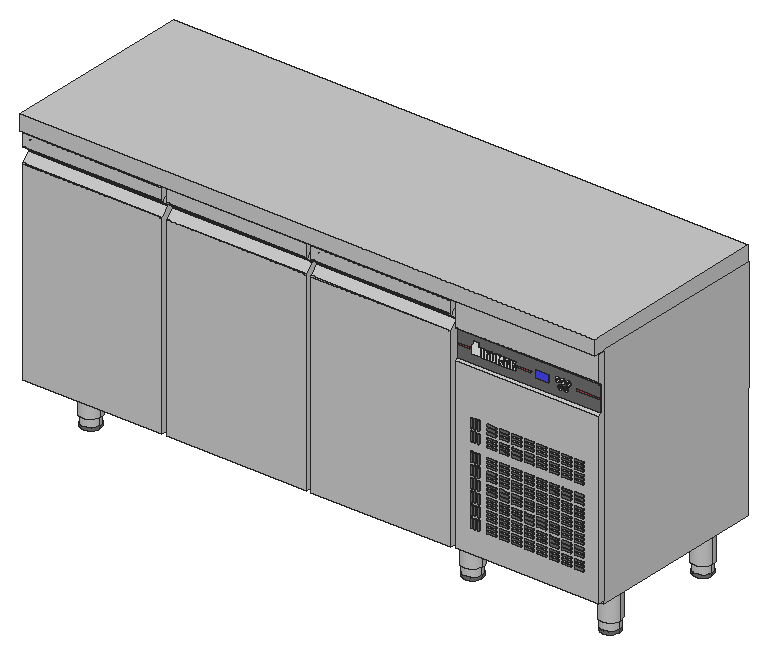
Revit family "QF_INOMAK_PMRP999_250528101708", category Specialty Equipment, Revit 2021 (continued)
Definition of nested family "QF_INOMAK_REF_COUNTERS_DOORS_DRAWERS_7216"
  Definition of nested family "3_Drawers_1-3"
    Forms (mm)
      Extrusion 1, solid, material <- "Finish", visible <- "3 Drawers"
        sketch origin (35, 0, 0) x (0, -1, 0) y (0, 0, 1)
          loop
            arc (690, 960.365) -> (689.866, 961.037) -> (689.485, 961.607) r 1.757
            line (689.485, 961.607) -> (666.663, 984.429)
            arc (666.663, 984.429) -> (665.976, 985.458) -> (665.734, 986.672) r 3.172
            line (665.734, 986.672) -> (665.734, 1013.576)
            arc (665.734, 1013.576) -> (666.433, 1015.262) -> (668.119, 1015.961) r 2.385
            line (668.119, 1015.961) -> (680.029, 1015.961) -> (686.544, 1006.657)
            arc (686.544, 1006.657) -> (688.671, 1005.935) -> (690, 1007.747) r 1.9
            line (690, 1007.747) -> (690, 1046) -> (648, 1046) -> (648, 751.667) -> (690, 751.667)
        from 0 to -1130
      Extrusion 2, solid, visible <- "3 Drawers", detail levels coarse
        sketch origin (0, -640.463, 751.667) x (0, 1, 0) y (-1, 0, 0)
          loop
            line (-49.537, -35) -> (-624.582, -35) -> (-624.582, -1165) -> (-49.537, -1165) -> (-49.537, -35)
        from 0 to 294.333
      Extrusion 3, solid, visible <- "3 Drawers", detail levels coarse
        sketch origin (0, -640.463, 453.333) x (0, 1, 0) y (-1, 0, 0)
          loop
            line (-49.537, -35) -> (-624.582, -35) -> (-624.582, -1165) -> (-49.537, -1165) -> (-49.537, -35)
        from 0 to 293.667
      Extrusion 4, solid, visible <- "3 Drawers", detail levels coarse
        sketch origin (0, -700, 154) x (-1, 0, 0) y (0, 1, 0)
          loop
            line (-35, 10) -> (-1165, 10) -> (-1165, -565.045) -> (-35, -565.045) -> (-35, 10)
        from 0 to -294
      Extrusion 5, solid, material <- "Finish", visible <- "3 Drawers"
        sketch origin (35, 0, -220.667) x (0, -1, 0) y (0, 0, 1)
          loop
            line (690, 674) -> (690, 882.031)
            arc (690, 882.031) -> (689.866, 882.704) -> (689.485, 883.274) r 1.757
            line (689.485, 883.274) -> (666.663, 906.096)
            arc (666.663, 906.096) -> (665.976, 907.125) -> (665.734, 908.339) r 3.172
            line (665.734, 908.339) -> (665.734, 935.243)
            arc (665.734, 935.243) -> (666.433, 936.929) -> (668.119, 937.628) r 2.385
            line (668.119, 937.628) -> (680.029, 937.628) -> (686.544, 928.324)
            arc (686.544, 928.324) -> (688.671, 927.602) -> (690, 929.414) r 1.9
            line (690, 929.414) -> (690, 967.667) -> (648, 967.667) -> (648, 674) -> (690, 674)
        from 0 to -1130
      Extrusion 6, solid, material <- "Finish", visible <- "3 Drawers"
        sketch origin (35, 0, -441.333) x (0, -1, 0) y (0, 0, 1)
          loop
            line (690, 595.333) -> (690, 800.031)
            arc (690, 800.031) -> (689.866, 800.704) -> (689.485, 801.274) r 1.757
            line (689.485, 801.274) -> (666.663, 824.096)
            arc (666.663, 824.096) -> (665.976, 825.125) -> (665.734, 826.339) r 3.172
            line (665.734, 826.339) -> (665.734, 857.243)
            arc (665.734, 857.243) -> (666.433, 858.929) -> (668.119, 859.628) r 2.385
            line (668.119, 859.628) -> (680.029, 859.628) -> (686.544, 850.324)
            arc (686.544, 850.324) -> (688.671, 849.602) -> (690, 851.414) r 1.9
            line (690, 851.414) -> (690, 889.333) -> (648, 889.333) -> (648, 595.333) -> (690, 595.333)
        from 0 to -1130
    Lines and regions (mm)
      symbolic lines, visible <- "3 Drawers"
        curve 1: line (35, -850, 900) -> (35, -890, 900)
        curve 2: line (35, -890, 900) -> (1165, -890, 900)
        curve 3: line (1165, -890, 900) -> (1165, -850, 900)
        curve 4: line (1165, -850, 900) -> (35, -850, 900)
        curve 5: line (1135, -850, 900) -> (1135, -700, 900)
        curve 6: line (65, -850, 900) -> (65, -700, 900)
        curve 7: line (35, -1040, 900) -> (35, -1080, 900)
        curve 8: line (35, -1080, 900) -> (1165, -1080, 900)
        curve 9: line (1165, -1080, 900) -> (1165, -1040, 900)
        curve 10: line (1165, -1040, 900) -> (35, -1040, 900)
        curve 11: line (1135, -1040, 900) -> (1135, -890, 900)
        curve 12: line (65, -1040, 900) -> (65, -890, 900)
        curve 13: line (35, -1225, 900) -> (35, -1265, 900)
        curve 14: line (35, -1265, 900) -> (1165, -1265, 900)
        curve 15: line (1165, -1265, 900) -> (1165, -1225, 900)
        curve 16: line (1165, -1225, 900) -> (35, -1225, 900)
        curve 17: line (1135, -1225, 900) -> (1135, -1080, 900)
        curve 18: line (65, -1225, 900) -> (65, -1080, 900)
    Dimensions and locks
      "Length Actual": plane 3 "Left" to plane 4 "Right"
      "Depth Actual": plane 5 "Front" to plane 1 "Back"
      "Height Actual": plane 6 "Top" to plane 8 "Legs top"
      "Front inset": plane 7 "Front legs" to plane 5 "Front"
      "Plinth height": plane 8 "Legs top" to plane 2
      "Rear inset": plane 9 "Backsplash thickness" to plane 1 "Back"
      "Right panel thickness": plane 11 "Right panel" to plane 4 "Right"
      "Left panel thickness": plane 3 "Left" to plane 10 "Left panel"
      plane 14 to plane 15 = 4.667 mm
      equal spacing: plane 14, plane 12, plane 15
      locked: plane 16 to plane 13 at 2
      equal spacing: plane 18, plane 17, plane 19
      plane 18 to plane 19 = 5.333 mm
      "Bottom inset": plane 20 to plane 8 "Legs top"
      equal spacing: plane 21, plane 17, plane 12, plane 16
      "Top inset": plane 13 to plane 6 "Top"
      locked: plane 21 to plane 20 at 2
      aligned and locked: level to plane 2
      aligned and locked: Extrusion 1 to plane 11 "Right panel"
      aligned and locked: plane 10 "Left panel" to curve 1
      aligned and locked: plane 10 "Left panel" to curve 7
      aligned and locked: plane 10 "Left panel" to curve 13
      aligned and locked: Extrusion 2 sketch curve to plane 10 "Left panel"
      aligned and locked: plane 11 "Right panel" to Extrusion 2 sketch curve
      aligned and locked: Extrusion 3 sketch curve to plane 10 "Left panel"
      aligned and locked: plane 11 "Right panel" to Extrusion 3 sketch curve
      aligned and locked: Extrusion 4 sketch curve to plane 10 "Left panel"
      aligned and locked: plane 11 "Right panel" to Extrusion 4 sketch curve
      aligned and locked: Extrusion 2 to plane 13
      aligned and locked: Extrusion 3 to plane 15
      aligned and locked: Extrusion 4 to plane 19
      aligned and locked: Extrusion 5 to plane 11 "Right panel"
      aligned and locked: Extrusion 6 to plane 11 "Right panel"
      aligned and locked: Extrusion 1 sketch curve to plane 13
      aligned and locked: Extrusion 1 sketch curve to plane 7 "Front legs"
      aligned and locked: plane 18 to Extrusion 5 sketch curve
      aligned and locked: Extrusion 6 sketch curve to Extrusion 4  (x2)
      aligned and locked: Extrusion 5 sketch curve to plane 15
      aligned and locked: Extrusion 4 to Extrusion 5 sketch curve
      aligned and locked: Extrusion 6 sketch curve to plane 19
      aligned and locked: Extrusion 6 sketch curve to plane 20
    Automatic sketch dimensions
      Extrusion 2 sketch curve to plane 7 "Front legs" = 0 mm
      Extrusion 2 sketch curve to plane 5 "Front" = 565.045 mm
      Extrusion 3 sketch curve to plane 7 "Front legs" = 0 mm
      Extrusion 3 sketch curve to plane 5 "Front" = 565.045 mm
      Extrusion 4 sketch curve to plane 7 "Front legs" = 0 mm
      Extrusion 4 sketch curve to plane 5 "Front" = 565.045 mm
      curve 14 to plane 11 "Right panel" = 0 mm
      curve 8 to plane 11 "Right panel" = 0 mm
      curve 3 to plane 11 "Right panel" = 0 mm
      curve 6 to plane 5 "Front" = 0 mm
      curve 5 to plane 5 "Front" = 0 mm
      curve 1 to plane 5 "Front" = 150 mm
      curve 2 to curve 3 = 40 mm
      curve 10 to curve 1 = 150 mm
      curve 9 to curve 9 = 40 mm
      curve 13 to curve 7 = 145 mm
      curve 14 to curve 13 = 40 mm
      curve 3 to curve 5 = 30 mm
      curve 15 to curve 17 = 30 mm
      curve 11 to curve 17 = 0 mm
      curve 6 to plane 10 "Left panel" = 30 mm
      curve 18 to plane 10 "Left panel" = 30 mm
      curve 12 to curve 18 = 0 mm
      Extrusion 1 sketch curve to plane 14 = 0 mm
      Extrusion 1 sketch curve to plane 7 "Front legs" = 0 mm
      plane 7 "Front legs" to Extrusion 1 sketch curve = 0.515 mm
      plane 7 "Front legs" to Extrusion 1 sketch curve = 1.757 mm
      plane 7 "Front legs" to Extrusion 1 sketch curve = 1.9 mm
      Extrusion 1 sketch curve to Extrusion 1 sketch curve = 1.556 mm
      plane 7 "Front legs" to Extrusion 1 sketch curve = 9.971 mm
      plane 7 "Front legs" to Extrusion 1 sketch curve = 21.094 mm
      Extrusion 1 sketch curve to Extrusion 1 sketch curve = 11.91 mm
      Extrusion 1 sketch curve to Extrusion 1 sketch curve = 2.243 mm
      Extrusion 1 sketch curve to Extrusion 1 sketch curve = 2.385 mm
      Extrusion 1 sketch curve to Extrusion 1 sketch curve = 20.119 mm
      plane 13 to Extrusion 1 sketch curve = 85.635 mm
      Extrusion 1 sketch curve to Extrusion 1 sketch curve = 22.822 mm
      Extrusion 1 sketch curve to Extrusion 1 sketch curve = 19.985 mm
      Extrusion 1 sketch curve to Extrusion 1 sketch curve = 6.919 mm
      plane 15 to Extrusion 5 sketch curve = 59.328 mm
      Extrusion 5 sketch curve to Extrusion 5 sketch curve = 17.734 mm
      plane 15 to Extrusion 5 sketch curve = 61.571 mm
      Extrusion 5 sketch curve to Extrusion 5 sketch curve = 0.929 mm
      Extrusion 5 sketch curve to Extrusion 5 sketch curve = 2.385 mm
      Extrusion 5 sketch curve to Extrusion 5 sketch curve = 11.91 mm
      Extrusion 5 sketch curve to Extrusion 5 sketch curve = 6.515 mm
      Extrusion 5 sketch curve to Extrusion 5 sketch curve = 1.556 mm
      Extrusion 5 sketch curve to Extrusion 5 sketch curve = 21.58 mm
      plane 15 to Extrusion 5 sketch curve = 84.393 mm
      Extrusion 5 sketch curve to Extrusion 5 sketch curve = 1.242 mm
      Extrusion 5 sketch curve to Extrusion 5 sketch curve = 1.9 mm
      Extrusion 5 sketch curve to Extrusion 5 sketch curve = 0.515 mm
      Extrusion 5 sketch curve to Extrusion 5 sketch curve = 6.919 mm
      Extrusion 5 sketch curve to Extrusion 5 sketch curve = 30.039 mm
      plane 7 "Front legs" to Extrusion 6 sketch curve = 0.515 mm
      plane 7 "Front legs" to Extrusion 6 sketch curve = 1.757 mm
      plane 7 "Front legs" to Extrusion 6 sketch curve = 1.9 mm
      Extrusion 6 sketch curve to Extrusion 6 sketch curve = 1.556 mm
      plane 7 "Front legs" to Extrusion 6 sketch curve = 9.971 mm
      plane 7 "Front legs" to Extrusion 6 sketch curve = 21.094 mm
      Extrusion 6 sketch curve to Extrusion 6 sketch curve = 11.91 mm
      Extrusion 6 sketch curve to Extrusion 6 sketch curve = 2.243 mm
      Extrusion 6 sketch curve to Extrusion 6 sketch curve = 2.385 mm
      Extrusion 6 sketch curve to Extrusion 6 sketch curve = 20.119 mm
      plane 19 to Extrusion 6 sketch curve = 89.302 mm
      Extrusion 6 sketch curve to Extrusion 6 sketch curve = 22.822 mm
      Extrusion 6 sketch curve to Extrusion 6 sketch curve = 23.985 mm
      Extrusion 6 sketch curve to Extrusion 6 sketch curve = 6.919 mm
  Definition of nested family "2_Drawers_1-2"
    Parameters (values of type "2 Drawers 1-2")
      URL = "www.specifiglobal.com"
      Top inset [instance] = 4 mm
      Right panel thickness [instance] = 35 mm
      Rear inset [instance] = 10 mm
      Plinth height [instance] = 150 mm
      Model = ""
      Manufacturer = "DEMO CONSULTANT"
      Length Actual [instance] = 1200 mm
      Left panel thickness [instance] = 35 mm
      Height Actual [instance] = 900 mm
      Front inset [instance] = 10 mm
      Finish = none
      Doors drawers type [instance] = 4
      Description = ""
      Depth Actual [instance] = 700 mm
      Default Elevation = 0 mm
      Bottom inset [instance] = 4 mm
      Assembly Code = "E1090320"
      2 Drawers [instance] = Doors drawers type = 4  # yes
    Reference planes
      plane 1 "Back": y = 0
      plane 2: z = 0
      plane 3 "Left": x = 0
      plane 4 "Right": x = 1200
      plane 5 "Front": y = -700
      plane 6 "Top": z = 1050
      plane 7 "Front legs": y = -690
      plane 8 "Legs top": z = 150
      plane 9 "Backsplash thickness": y = -10
      plane 10 "Left panel": x = 35
      plane 11 "Right panel": x = 1165
      plane 12: z = 600
      plane 13: z = 1046
      plane 14: z = 602
      plane 15: z = 598
      plane 16: z = 154
    Forms (mm)
      Extrusion 1, solid, material <- "Finish", visible <- "2 Drawers"
        sketch origin (35, 0, 0) x (0, -1, 0) y (0, 0, 1)
          loop
            line (690, 602) -> (690, 960.365)
            arc (690, 960.365) -> (689.866, 961.037) -> (689.485, 961.607) r 1.757
            line (689.485, 961.607) -> (666.663, 984.429)
            arc (666.663, 984.429) -> (665.976, 985.458) -> (665.734, 986.672) r 3.172
            line (665.734, 986.672) -> (665.734, 1013.576)
            arc (665.734, 1013.576) -> (666.433, 1015.262) -> (668.119, 1015.961) r 2.385
            line (668.119, 1015.961) -> (680.029, 1015.961) -> (686.544, 1006.657)
            arc (686.544, 1006.657) -> (688.671, 1005.935) -> (690, 1007.747) r 1.9
            line (690, 1007.747) -> (690, 1046) -> (648, 1046) -> (648, 602) -> (690, 602)
        from 0 to -1130
      Extrusion 2, solid, visible <- "2 Drawers", detail levels coarse
        sketch origin (0, -640.463, 602) x (0, 1, 0) y (-1, 0, 0)
          loop
            line (-49.537, -35) -> (-624.537, -35) -> (-624.537, -1165) -> (-49.537, -1165) -> (-49.537, -35)
        from 0 to 444
      Extrusion 3, solid, visible <- "2 Drawers", detail levels coarse
        sketch origin (0, -700, 154) x (-1, 0, 0) y (0, 1, 0)
          loop
            line (-35, 10) -> (-1165, 10) -> (-1165, -565) -> (-35, -565) -> (-35, 10)
        from 0 to -444
      Extrusion 4, solid, material <- "Finish", visible <- "2 Drawers"
        sketch origin (35, 0, -441.333) x (0, -1, 0) y (0, 0, 1)
          loop
            line (690, 595.333) -> (690, 953.698)
            arc (690, 953.698) -> (689.866, 954.37) -> (689.485, 954.94) r 1.757
            line (689.485, 954.94) -> (666.663, 977.763)
            arc (666.663, 977.763) -> (665.976, 978.792) -> (665.734, 980.006) r 3.172
            line (665.734, 980.006) -> (665.734, 1006.909)
            arc (665.734, 1006.909) -> (666.433, 1008.596) -> (668.119, 1009.294) r 2.385
            line (668.119, 1009.294) -> (680.029, 1009.294) -> (686.544, 999.991)
            arc (686.544, 999.991) -> (688.671, 999.268) -> (690, 1001.08) r 1.9
            line (690, 1001.08) -> (690, 1039.333) -> (648, 1039.333) -> (648, 595.333) -> (690, 595.333)
        from 0 to -1130
    Lines and regions (mm)
      symbolic lines, visible <- "2 Drawers"
        curve 1: line (35, -940, 900) -> (35, -980, 900)
        curve 2: line (35, -980, 900) -> (1165, -980, 900)
        curve 3: line (1165, -980, 900) -> (1165, -940, 900)
        curve 4: line (1165, -940, 900) -> (35, -940, 900)
        curve 5: line (1135, -940, 900) -> (1135, -700, 900)
        curve 6: line (65, -940, 900) -> (65, -700, 900)
        curve 7: line (35, -1225, 900) -> (35, -1265, 900)
        curve 8: line (35, -1265, 900) -> (1165, -1265, 900)
        curve 9: line (1165, -1265, 900) -> (1165, -1225, 900)
        curve 10: line (1165, -1225, 900) -> (35, -1225, 900)
        curve 11: line (1135, -1225, 900) -> (1135, -980, 900)
        curve 12: line (65, -1225, 900) -> (65, -980, 900)
    Dimensions and locks
      "Length Actual": plane 3 "Left" to plane 4 "Right"
      "Depth Actual": plane 5 "Front" to plane 1 "Back"
      "Height Actual": plane 6 "Top" to plane 8 "Legs top"
      "Front inset": plane 7 "Front legs" to plane 5 "Front"
      "Plinth height": plane 8 "Legs top" to plane 2
      "Rear inset": plane 9 "Backsplash thickness" to plane 1 "Back"
      "Right panel thickness": plane 11 "Right panel" to plane 4 "Right"
      "Left panel thickness": plane 3 "Left" to plane 10 "Left panel"
      "Top inset": plane 6 "Top" to plane 13
      "Bottom inset": plane 16 to plane 8 "Legs top"
      equal spacing: plane 16, plane 12, plane 13
      locked: plane 14 to plane 12 at 2
      locked: plane 15 to plane 12 at 2
      aligned and locked: level to plane 2
      aligned and locked: Extrusion 1 to plane 11 "Right panel"
      aligned and locked: plane 10 "Left panel" to curve 1
      aligned and locked: plane 10 "Left panel" to curve 7
      aligned and locked: Extrusion 2 sketch curve to plane 10 "Left panel"
      aligned and locked: plane 11 "Right panel" to Extrusion 2 sketch curve
      aligned and locked: Extrusion 3 sketch curve to plane 10 "Left panel"
      aligned and locked: plane 11 "Right panel" to Extrusion 3 sketch curve
      aligned and locked: Extrusion 2 to plane 13
      aligned and locked: Extrusion 4 to plane 11 "Right panel"
      aligned and locked: Extrusion 3 to plane 15
      aligned and locked: Extrusion 1 sketch curve to plane 13
      aligned and locked: Extrusion 1 sketch curve to plane 7 "Front legs"
      aligned and locked: plane 14 to Extrusion 1 sketch curve
      aligned and locked: Extrusion 4 sketch curve to plane 15
      aligned and locked: Extrusion 4 sketch curve to plane 7 "Front legs"
      aligned and locked: Extrusion 4 sketch curve to plane 16
    Automatic sketch dimensions
      Extrusion 2 sketch curve to plane 7 "Front legs" = 0 mm
      Extrusion 2 sketch curve to plane 5 "Front" = 565 mm
      Extrusion 3 sketch curve to plane 7 "Front legs" = 0 mm
      Extrusion 3 sketch curve to plane 5 "Front" = 565 mm
      curve 9 to plane 11 "Right panel" = 0 mm
      curve 2 to plane 11 "Right panel" = 0 mm
      curve 5 to plane 5 "Front" = 0 mm
      curve 6 to plane 5 "Front" = 0 mm
      curve 1 to plane 5 "Front" = 240 mm
      curve 3 to curve 3 = 40 mm
      curve 7 to curve 1 = 245 mm
      curve 8 to curve 9 = 40 mm
      plane 11 "Right panel" to curve 5 = 30 mm
      curve 2 to curve 11 = 30 mm
      curve 6 to plane 10 "Left panel" = 30 mm
      curve 12 to plane 10 "Left panel" = 30 mm
      Extrusion 1 sketch curve to Extrusion 1 sketch curve = 17.734 mm
      Extrusion 1 sketch curve to Extrusion 1 sketch curve = 0.929 mm
      Extrusion 1 sketch curve to Extrusion 1 sketch curve = 2.385 mm
      Extrusion 1 sketch curve to Extrusion 1 sketch curve = 3.172 mm
      Extrusion 1 sketch curve to Extrusion 1 sketch curve = 11.91 mm
      Extrusion 1 sketch curve to Extrusion 1 sketch curve = 6.515 mm
      Extrusion 1 sketch curve to Extrusion 1 sketch curve = 1.556 mm
      Extrusion 1 sketch curve to Extrusion 1 sketch curve = 21.58 mm
      Extrusion 1 sketch curve to Extrusion 1 sketch curve = 1.242 mm
      Extrusion 1 sketch curve to Extrusion 1 sketch curve = 1.9 mm
      Extrusion 1 sketch curve to Extrusion 1 sketch curve = 0.515 mm
      Extrusion 1 sketch curve to Extrusion 1 sketch curve = 22.822 mm
      Extrusion 1 sketch curve to Extrusion 1 sketch curve = 19.985 mm
      Extrusion 1 sketch curve to Extrusion 1 sketch curve = 6.919 mm
      Extrusion 1 sketch curve to Extrusion 1 sketch curve = 30.039 mm
      Extrusion 4 sketch curve to plane 7 "Front legs" = 0 mm
      plane 7 "Front legs" to Extrusion 4 sketch curve = 0.515 mm
      plane 7 "Front legs" to Extrusion 4 sketch curve = 1.757 mm
      plane 7 "Front legs" to Extrusion 4 sketch curve = 1.9 mm
      Extrusion 4 sketch curve to Extrusion 4 sketch curve = 1.556 mm
      plane 7 "Front legs" to Extrusion 4 sketch curve = 9.971 mm
      plane 7 "Front legs" to Extrusion 4 sketch curve = 21.094 mm
      Extrusion 4 sketch curve to Extrusion 4 sketch curve = 11.91 mm
      Extrusion 4 sketch curve to Extrusion 4 sketch curve = 2.243 mm
      Extrusion 4 sketch curve to Extrusion 4 sketch curve = 2.385 mm
      Extrusion 4 sketch curve to Extrusion 4 sketch curve = 20.119 mm
      Extrusion 4 sketch curve to Extrusion 4 sketch curve = 22.822 mm
      Extrusion 4 sketch curve to Extrusion 4 sketch curve = 19.985 mm
      Extrusion 4 sketch curve to Extrusion 4 sketch curve = 6.919 mm
      Extrusion 4 sketch curve to Extrusion 4 sketch curve = 30.039 mm
  Definition of nested family "2_Drawers_1-3_2-3"
    Parameters (values of type "2 Drawers 1-3 and 2-3")
      URL = "www.specifiglobal.com"
      Top inset [instance] = 4 mm
      Right panel thickness [instance] = 35 mm
      Rear inset [instance] = 10 mm
      Plinth height [instance] = 150 mm
      Model = ""
      Manufacturer = "DEMO CONSULTANT"
      Length Actual [instance] = 1200 mm
      Left panel thickness [instance] = 35 mm
      Height Actual [instance] = 900 mm
      Front inset [instance] = 10 mm
      Finish = none
      Doors drawers type [instance] = 5
      Description = ""
      Depth Actual [instance] = 700 mm
      Default Elevation = 0 mm
      Bottom inset [instance] = 4 mm
      Assembly Code = "E1090320"
      2 Drawers 1-3 and 2-3 [instance] = Doors drawers type = 5  # yes
    Reference planes
      plane 1 "Back": y = 0
      plane 2: z = 0
      plane 3 "Left": x = 0
      plane 4 "Right": x = 1200
      plane 5 "Front": y = -700
      plane 6 "Top": z = 1050
      plane 7 "Front legs": y = -690
      plane 8 "Legs top": z = 150
      plane 9 "Backsplash thickness": y = -10
      plane 10 "Left panel": x = 35
      plane 11 "Right panel": x = 1165
      plane 12: z = 1046
      plane 13: z = 751.833
      plane 14: z = 746.833
      plane 15: z = 154
      plane 16: z = 450.667
      plane 17: z = 152
      plane 18: z = 1048
      plane 19: z = 749.333
    Forms (mm)
      Extrusion 1, solid, material <- "Finish", visible <- "2 Drawers 1-3 and 2-3"
        sketch origin (35, 0, 0) x (0, -1, 0) y (0, 0, 1)
          loop
            line (690, 751.833) -> (690, 960.365)
            arc (690, 960.365) -> (689.866, 961.037) -> (689.485, 961.607) r 1.757
            line (689.485, 961.607) -> (666.663, 984.429)
            arc (666.663, 984.429) -> (665.976, 985.458) -> (665.734, 986.672) r 3.172
            line (665.734, 986.672) -> (665.734, 1013.576)
            arc (665.734, 1013.576) -> (666.433, 1015.262) -> (668.119, 1015.961) r 2.385
            line (668.119, 1015.961) -> (680.029, 1015.961) -> (686.544, 1006.657)
            arc (686.544, 1006.657) -> (688.671, 1005.935) -> (690, 1007.747) r 1.9
            line (690, 1007.747) -> (690, 1046) -> (648, 1046) -> (648, 751.833) -> (690, 751.833)
        from 0 to -1130
      Extrusion 2, solid, visible <- "2 Drawers 1-3 and 2-3", detail levels coarse
        sketch origin (0, -640.463, 751.833) x (0, 1, 0) y (-1, 0, 0)
          loop
            line (-49.537, -35) -> (-624.537, -35) -> (-624.537, -1165) -> (-49.537, -1165) -> (-49.537, -35)
        from 0 to 294.167
      Extrusion 3, solid, visible <- "2 Drawers 1-3 and 2-3", detail levels coarse
        sketch origin (0, -700, 154) x (-1, 0, 0) y (0, 1, 0)
          loop
            line (-35, 10) -> (-1165, 10) -> (-1165, -565) -> (-35, -565) -> (-35, 10)
        from 0 to -592.833
      Extrusion 4, solid, material <- "Finish", visible <- "2 Drawers 1-3 and 2-3"
        sketch origin (35, 0, -441.333) x (0, -1, 0) y (0, 0, 1)
          loop
            line (690, 595.333) -> (690, 1101.698)
            arc (690, 1101.698) -> (689.866, 1102.37) -> (689.485, 1102.94) r 1.757
            line (689.485, 1102.94) -> (666.663, 1126.596)
            arc (666.663, 1126.596) -> (665.976, 1127.625) -> (665.734, 1128.839) r 3.172
            line (665.734, 1128.839) -> (665.734, 1155.743)
            arc (665.734, 1155.743) -> (666.433, 1157.429) -> (668.119, 1158.128) r 2.385
            line (668.119, 1158.128) -> (680.029, 1158.128) -> (686.544, 1148.824)
            arc (686.544, 1148.824) -> (688.671, 1148.102) -> (690, 1149.914) r 1.9
            line (690, 1149.914) -> (690, 1188.167) -> (648, 1188.167) -> (648, 595.333) -> (690, 595.333)
        from 0 to -1130
    Lines and regions (mm)
      symbolic lines, visible <- "2 Drawers 1-3 and 2-3"
        curve 1: line (35, -1000, 900) -> (35, -1040, 900)
        curve 2: line (35, -1040, 900) -> (1165, -1040, 900)
        curve 3: line (1165, -1040, 900) -> (1165, -1000, 900)
        curve 4: line (1165, -1000, 900) -> (35, -1000, 900)
        curve 5: line (1135, -1000, 900) -> (1135, -700, 900)
        curve 6: line (65, -1000, 900) -> (65, -700, 900)
        curve 7: line (35, -1225, 900) -> (35, -1265, 900)
        curve 8: line (35, -1265, 900) -> (1165, -1265, 900)
        curve 9: line (1165, -1265, 900) -> (1165, -1225, 900)
        curve 10: line (1165, -1225, 900) -> (35, -1225, 900)
        curve 11: line (1135, -1225, 900) -> (1135, -1040, 900)
        curve 12: line (65, -1225, 900) -> (65, -1040, 900)
    Dimensions and locks
      "Length Actual": plane 3 "Left" to plane 4 "Right"
      "Depth Actual": plane 5 "Front" to plane 1 "Back"
      "Height Actual": plane 6 "Top" to plane 8 "Legs top"
      "Front inset": plane 7 "Front legs" to plane 5 "Front"
      "Plinth height": plane 8 "Legs top" to plane 2
      "Rear inset": plane 9 "Backsplash thickness" to plane 1 "Back"
      "Right panel thickness": plane 11 "Right panel" to plane 4 "Right"
      "Left panel thickness": plane 3 "Left" to plane 10 "Left panel"
      "Top inset": plane 6 "Top" to plane 12
      locked: plane 13 to plane 14 at 5
      "Bottom inset": plane 15 to plane 8 "Legs top"
      equal spacing: plane 17, plane 16, plane 19, plane 18
      equal spacing: plane 12, plane 18, plane 6 "Top"
      equal spacing: plane 14, plane 19, plane 13
      equal spacing: plane 15, plane 17, plane 8 "Legs top"
      aligned and locked: level to plane 2
      aligned and locked: Extrusion 1 to plane 11 "Right panel"
      aligned and locked: plane 10 "Left panel" to curve 1
      aligned and locked: plane 10 "Left panel" to curve 7
      aligned and locked: Extrusion 2 sketch curve to plane 10 "Left panel"
      aligned and locked: plane 11 "Right panel" to Extrusion 2 sketch curve
      aligned and locked: Extrusion 3 sketch curve to plane 10 "Left panel"
      aligned and locked: plane 11 "Right panel" to Extrusion 3 sketch curve
      aligned and locked: Extrusion 2 to plane 12
      aligned and locked: Extrusion 4 to plane 11 "Right panel"
      aligned and locked: Extrusion 3 to plane 14
      aligned and locked: plane 13 to Extrusion 1 sketch curve
      aligned and locked: Extrusion 2 to Extrusion 1 sketch curve
      aligned and locked: Extrusion 3 to Extrusion 4 sketch curve
      aligned and locked: Extrusion 4 sketch curve to Extrusion 3  (x2)
      aligned and locked: Extrusion 1 sketch curve to plane 7 "Front legs"
    Automatic sketch dimensions
      Extrusion 2 sketch curve to plane 7 "Front legs" = 0 mm
      Extrusion 2 sketch curve to plane 5 "Front" = 565 mm
      Extrusion 3 sketch curve to plane 7 "Front legs" = 0 mm
      Extrusion 3 sketch curve to plane 5 "Front" = 565 mm
      curve 9 to plane 11 "Right panel" = 0 mm
      curve 2 to plane 11 "Right panel" = 0 mm
      curve 5 to plane 5 "Front" = 0 mm
      curve 6 to plane 5 "Front" = 0 mm
      curve 1 to plane 5 "Front" = 300 mm
      curve 3 to curve 3 = 40 mm
      curve 7 to curve 1 = 185 mm
      curve 8 to curve 9 = 40 mm
      plane 11 "Right panel" to curve 5 = 30 mm
      curve 11 to curve 5 = 0 mm
      curve 6 to plane 10 "Left panel" = 30 mm
      curve 12 to curve 6 = 0 mm
      Extrusion 1 sketch curve to plane 7 "Front legs" = 0 mm
      plane 7 "Front legs" to Extrusion 1 sketch curve = 0.515 mm
      plane 7 "Front legs" to Extrusion 1 sketch curve = 1.757 mm
      plane 7 "Front legs" to Extrusion 1 sketch curve = 1.9 mm
      Extrusion 1 sketch curve to Extrusion 1 sketch curve = 1.556 mm
      plane 7 "Front legs" to Extrusion 1 sketch curve = 9.971 mm
      plane 7 "Front legs" to Extrusion 1 sketch curve = 21.094 mm
      Extrusion 1 sketch curve to Extrusion 1 sketch curve = 11.91 mm
      Extrusion 1 sketch curve to Extrusion 1 sketch curve = 2.243 mm
      Extrusion 1 sketch curve to Extrusion 1 sketch curve = 2.385 mm
      Extrusion 1 sketch curve to Extrusion 1 sketch curve = 20.119 mm
      plane 12 to Extrusion 1 sketch curve = 85.635 mm
      Extrusion 1 sketch curve to Extrusion 1 sketch curve = 22.822 mm
      Extrusion 1 sketch curve to Extrusion 1 sketch curve = 19.985 mm
      Extrusion 1 sketch curve to Extrusion 1 sketch curve = 6.919 mm
      plane 12 to Extrusion 1 sketch curve = 0 mm
      Extrusion 4 sketch curve to plane 7 "Front legs" = 0 mm
      plane 7 "Front legs" to Extrusion 4 sketch curve = 0.515 mm
      plane 7 "Front legs" to Extrusion 4 sketch curve = 1.9 mm
      Extrusion 4 sketch curve to Extrusion 4 sketch curve = 1.556 mm
      plane 7 "Front legs" to Extrusion 4 sketch curve = 9.971 mm
      plane 7 "Front legs" to Extrusion 4 sketch curve = 21.094 mm
      Extrusion 4 sketch curve to Extrusion 4 sketch curve = 11.91 mm
      Extrusion 4 sketch curve to Extrusion 4 sketch curve = 2.243 mm
      Extrusion 4 sketch curve to Extrusion 4 sketch curve = 2.385 mm
      Extrusion 4 sketch curve to Extrusion 4 sketch curve = 20.119 mm
      Extrusion 4 sketch curve to Extrusion 4 sketch curve = 86.469 mm
      Extrusion 4 sketch curve to Extrusion 4 sketch curve = 23.656 mm
      Extrusion 4 sketch curve to Extrusion 4 sketch curve = 19.985 mm
      Extrusion 4 sketch curve to Extrusion 4 sketch curve = 6.919 mm
      plane 7 "Front legs" to Extrusion 4 sketch curve = 1.757 mm
  Definition of nested family "Sliding_Doors"
    Parameters (values of type "Sliding doors")
      URL = "www.specifiglobal.com"
      Top inset [instance] = 4 mm
      Sliding doors [instance] = Doors drawers type = 2  # yes
      Right panel thickness [instance] = 35 mm
      Rear inset [instance] = 10 mm
      Plinth height [instance] = 150 mm
      Model = ""
      Manufacturer = "DEMO CONSULTANT"
      Length Actual [instance] = 1200 mm
      Left panel thickness [instance] = 35 mm
      Height Actual [instance] = 900 mm
      Front inset [instance] = 10 mm
      Finish [instance] = none
      Doors drawers type [instance] = 2
      Description = ""
      Depth Actual [instance] = 700 mm
      Default Elevation = 0 mm
      Bottom inset [instance] = 4 mm
      Assembly Code = "E1090320"
    Reference planes
      plane 1 "Back": y = 0
      plane 2: z = 0
      plane 3 "Left": x = 0
      plane 4 "Right": x = 1200
      plane 5 "Front": y = -700
      plane 6 "Top": z = 1050
      plane 7 "Front legs": y = -690
      plane 8 "Legs top": z = 150
      plane 9 "Backsplash thickness": y = -10
      plane 10: x = 35
      plane 11: x = 1165
      plane 12 "Center Left-Right": x = 600
      plane 13: z = 154
      plane 14: z = 1046
    Forms (mm)
      Extrusion 1, solid, material <- "Finish", visible <- "Sliding doors"
        sketch origin (0, -690, 154) x (-1, 0, 0) y (0, 1, 0)
          loop
            line (-35, 10) -> (-35, 20) -> (-620, 20) -> (-620, 0) -> (-91.156, 0)
            arc (-91.156, 0) -> (-85.272, 0.885) -> (-79.91, 3.461) r 20
            line (-79.91, 3.461) -> (-60, 17) -> (-38, 17) -> (-38, 10)
            arc (-38, 10) -> (-40.05, 5.05) -> (-45, 3) r 7
            line (-45, 3) -> (-50.012, 3) -> (-50.012, 0) -> (-45, 0)
            arc (-45, 0) -> (-37.929, 2.929) -> (-35, 10) r 10
        from 0 to -892
      Extrusion 2, solid, material <- "Finish", visible <- "Sliding doors"
        sketch origin (0, -689, 154) x (-1, 0, 0) y (0, 1, 0)
          loop
            arc (-1065, 30) -> (-1062.071, 22.929) -> (-1055, 20) r 10
            line (-1055, 20) -> (-1049.988, 20) -> (-1049.988, 23) -> (-1055, 23)
            arc (-1055, 23) -> (-1059.95, 25.05) -> (-1062, 30) r 7
            line (-1062, 30) -> (-1062, 37) -> (-1040, 37) -> (-1020.09, 23.461)
            arc (-1020.09, 23.461) -> (-1014.728, 20.885) -> (-1008.844, 20) r 20
            line (-1008.844, 20) -> (-480, 20) -> (-480, 40) -> (-1065, 40) -> (-1065, 30)
        from 0 to -892
    Lines and regions (mm)
      symbolic lines, visible <- "Sliding doors"
        curve 1: line (1065, -649, 150) -> (480, -649, 150)
        curve 2: line (1065, -669, 150) -> (1065, -649, 150)
        curve 3: line (480, -669, 150) -> (1065, -669, 150)
        curve 4: line (480, -649, 150) -> (480, -669, 150)
        curve 5: line (620, -690, 150) -> (35, -690, 150)
        curve 6: line (620, -670, 150) -> (620, -690, 150)
        curve 7: line (35, -670, 150) -> (620, -670, 150)
        curve 8: line (35, -690, 150) -> (35, -670, 150)
    Dimensions and locks
      "Length Actual": plane 3 "Left" to plane 4 "Right"
      "Depth Actual": plane 5 "Front" to plane 1 "Back"
      "Height Actual": plane 6 "Top" to plane 8 "Legs top"
      "Front inset": plane 7 "Front legs" to plane 5 "Front"
      "Plinth height": plane 8 "Legs top" to plane 2
      "Rear inset": plane 9 "Backsplash thickness" to plane 1 "Back"
      "Right panel thickness": plane 11 to plane 4 "Right"
      "Left panel thickness": plane 3 "Left" to plane 10
      equal spacing: plane 10, plane 12 "Center Left-Right", plane 11
      "Top inset": plane 6 "Top" to plane 14
      "Bottom inset": plane 13 to plane 8 "Legs top"
      locked: plane 12 "Center Left-Right" to curve 4 at 120
      locked: plane 12 "Center Left-Right" to curve 5 at 20
      locked: plane 11 to curve 1 at 100
      aligned and locked: level to plane 2
      aligned and locked: Extrusion 1 sketch curve to plane 7 "Front legs"
      aligned and locked: Extrusion 1 sketch curve to plane 10
      aligned and locked: Extrusion 1 to plane 14
      aligned and locked: Extrusion 2 to plane 14
      aligned and locked: curve 8 to plane 10
    Automatic sketch dimensions
      Extrusion 2 sketch curve to Extrusion 2 sketch curve = 0 mm  (x2)
      plane 11 to Extrusion 2 sketch curve = 100 mm
      Extrusion 2 sketch curve to Extrusion 2 sketch curve = 3 mm
      Extrusion 2 sketch curve to Extrusion 2 sketch curve = 7 mm  (x2)
      Extrusion 2 sketch curve to Extrusion 2 sketch curve = 5.012 mm
      plane 7 "Front legs" to Extrusion 2 sketch curve = 38 mm
      Extrusion 2 sketch curve to Extrusion 2 sketch curve = 15 mm
      plane 7 "Front legs" to Extrusion 2 sketch curve = 24.461 mm
      Extrusion 2 sketch curve to Extrusion 2 sketch curve = 19.91 mm
      Extrusion 2 sketch curve to Extrusion 2 sketch curve = 11.246 mm
      Extrusion 2 sketch curve to plane 12 "Center Left-Right" = 120 mm
      Extrusion 2 sketch curve to Extrusion 2 sketch curve = 16.539 mm
      Extrusion 2 sketch curve to Extrusion 2 sketch curve = 20 mm
      Extrusion 1 sketch curve to Extrusion 1 sketch curve = 0 mm  (x2)
      Extrusion 1 sketch curve to plane 7 "Front legs" = 0 mm
      Extrusion 1 sketch curve to plane 10 = 3 mm
      Extrusion 1 sketch curve to Extrusion 1 sketch curve = 7 mm
      Extrusion 1 sketch curve to Extrusion 1 sketch curve = 5.012 mm
      Extrusion 1 sketch curve to Extrusion 1 sketch curve = 15 mm
      plane 7 "Front legs" to Extrusion 1 sketch curve = 3.461 mm
      Extrusion 1 sketch curve to Extrusion 1 sketch curve = 19.91 mm
      Extrusion 1 sketch curve to Extrusion 1 sketch curve = 11.246 mm
      plane 12 "Center Left-Right" to Extrusion 1 sketch curve = 20 mm
      Extrusion 1 sketch curve to Extrusion 1 sketch curve = 20 mm
      Extrusion 1 sketch curve to Extrusion 1 sketch curve = 3 mm
      curve 8 to plane 7 "Front legs" = 0 mm
      curve 5 to curve 6 = 20 mm
      plane 7 "Front legs" to curve 2 = 21 mm
      curve 2 to curve 2 = 20 mm
  Definition of nested family "4_Drawers_1-4"
    Parameters (values of type "4 Drawers 1-4")
      URL = "www.specifiglobal.com"
      Top inset [instance] = 4 mm
      Right panel thickness [instance] = 35 mm
      Rear inset [instance] = 10 mm
      Plinth height [instance] = 150 mm
      Model = ""
      Manufacturer = "DEMO CONSULTANT"
      Length Actual [instance] = 1200 mm
      Left panel thickness [instance] = 35 mm
      Height Actual [instance] = 900 mm
      Front inset [instance] = 10 mm
      Finish [instance] = none
      Doors drawers type [instance] = 7
      Description = ""
      Depth Actual [instance] = 700 mm
      Default Elevation = 0 mm
      Bottom inset [instance] = 4 mm
      Assembly Code = "E1090320"
      4 Drawers [instance] = Doors drawers type = 7  # yes
    Reference planes
      plane 1 "Back": y = 0
      plane 2: z = 0
      plane 3 "Left": x = 0
      plane 4 "Right": x = 1200
      plane 5 "Front": y = -700
      plane 6 "Top": z = 1050
      plane 7 "Front legs": y = -690
      plane 8 "Legs top": z = 150
      plane 9 "Backsplash thickness": y = -10
      plane 10 "Left panel": x = 35
      plane 11 "Right panel": x = 1165
      plane 12: z = 824.25
      plane 13: z = 1046
      plane 14: z = 826.083
      plane 15: z = 822.417
      plane 16: z = 1048.5
      plane 17: z = 375.75
      plane 18: z = 377.917
      plane 19: z = 373.583
      plane 20: z = 154
      plane 21: z = 151.5
      plane 22: z = 600
      plane 23: z = 601.833
      plane 24: z = 598.167
    Forms (mm)
      Extrusion 1, solid, material <- "Finish", visible <- "4 Drawers"
        sketch origin (35, 0, -1) x (0, -1, 0) y (0, 0, 1)
          loop
            line (680, 1047) -> (670, 1047) -> (670, 827.083) -> (690, 827.083) -> (690, 990.844)
            arc (690, 990.844) -> (689.115, 996.728) -> (686.539, 1002.09) r 20
            line (686.539, 1002.09) -> (673, 1022) -> (673, 1044) -> (680, 1044)
            arc (680, 1044) -> (684.95, 1041.95) -> (687, 1037) r 7
            line (687, 1037) -> (687, 1031.988) -> (690, 1031.988) -> (690, 1037)
            arc (690, 1037) -> (687.071, 1044.071) -> (680, 1047) r 10
        from 0 to -1130
      Extrusion 2, solid, visible <- "4 Drawers", detail levels coarse
        sketch origin (0, -640.463, 826.083) x (0, 1, 0) y (-1, 0, 0)
          loop
            line (-49.537, -35) -> (-624.537, -35) -> (-624.537, -1165) -> (-49.537, -1165) -> (-49.537, -35)
        from 0 to 219.917
      Extrusion 3, solid, visible <- "4 Drawers", detail levels coarse
        sketch origin (0, -700, 154) x (-1, 0, 0) y (0, 1, 0)
          loop
            line (-35, 10) -> (-1165, 10) -> (-1165, -565) -> (-35, -565) -> (-35, 10)
        from 0 to -219.583
      Extrusion 4, solid, material <- "Finish", visible <- "4 Drawers"
        sketch origin (35, 0, -440.333) x (0, -1, 0) y (0, 0, 1)
          loop
            line (680, 813.917) -> (670, 813.917) -> (670, 594.333) -> (690, 594.333) -> (690, 757.761)
            arc (690, 757.761) -> (689.115, 763.644) -> (686.539, 769.007) r 20
            line (686.539, 769.007) -> (673, 788.917) -> (673, 810.917) -> (680, 810.917)
            arc (680, 810.917) -> (684.95, 808.866) -> (687, 803.917) r 7
            line (687, 803.917) -> (687, 798.904) -> (690, 798.904) -> (690, 803.917)
            arc (690, 803.917) -> (687.071, 810.988) -> (680, 813.917) r 10
        from 0 to -1130
      Extrusion 5, solid, material <- "Finish", visible <- "4 Drawers"
        sketch origin (35, 0, -165.333) x (0, -1, 0) y (0, 0, 1)
          loop
            line (680, 987.75) -> (670, 987.75) -> (670, 767.167) -> (690, 767.167) -> (690, 931.594)
            arc (690, 931.594) -> (689.115, 937.478) -> (686.539, 942.84) r 20
            line (686.539, 942.84) -> (673, 962.75) -> (673, 984.75) -> (680, 984.75)
            arc (680, 984.75) -> (684.95, 982.7) -> (687, 977.75) r 7
            line (687, 977.75) -> (687, 972.738) -> (690, 972.738) -> (690, 977.75)
            arc (690, 977.75) -> (687.071, 984.821) -> (680, 987.75) r 10
        from 0 to -1130
      Extrusion 6, solid, material <- "Finish", visible <- "4 Drawers"
        sketch origin (35, 0, -330.333) x (0, -1, 0) y (0, 0, 1)
          loop
            line (680, 928.5) -> (670, 928.5) -> (670, 708.25) -> (690, 708.25) -> (690, 872.344)
            arc (690, 872.344) -> (689.115, 878.228) -> (686.539, 883.59) r 20
            line (686.539, 883.59) -> (673, 903.5) -> (673, 925.5) -> (680, 925.5)
            arc (680, 925.5) -> (684.95, 923.45) -> (687, 918.5) r 7
            line (687, 918.5) -> (687, 913.488) -> (690, 913.488) -> (690, 918.5)
            arc (690, 918.5) -> (687.071, 925.571) -> (680, 928.5) r 10
        from 0 to -1130
      Extrusion 7, solid, visible <- "4 Drawers", detail levels coarse
        sketch origin (0, -500.463, 601.833) x (0, 1, 0) y (-1, 0, 0)
          loop
            line (-189.537, -35) -> (-764.537, -35) -> (-764.537, -1165) -> (-189.537, -1165) -> (-189.537, -35)
        from 0 to 220.583
      Extrusion 8, solid, visible <- "4 Drawers", detail levels coarse
        sketch origin (0, -540.463, 377.917) x (0, 1, 0) y (-1, 0, 0)
          loop
            line (-149.537, -35) -> (-724.537, -35) -> (-724.537, -1165) -> (-149.537, -1165) -> (-149.537, -35)
        from 0 to 220.25
    Lines and regions (mm)
      symbolic lines, visible <- "4 Drawers"
        curve 1: line (35, -945, 900) -> (35, -985, 900)
        curve 2: line (35, -985, 900) -> (1165, -985, 900)
        curve 3: line (1165, -985, 900) -> (1165, -945, 900)
        curve 4: line (1165, -945, 900) -> (35, -945, 900)
        curve 5: line (1135, -945, 900) -> (1135, -845, 900)
        curve 6: line (65, -945, 900) -> (65, -845, 900)
        curve 7: line (35, -1085, 900) -> (35, -1125, 900)
        curve 8: line (35, -1125, 900) -> (1165, -1125, 900)
        curve 9: line (1165, -1125, 900) -> (1165, -1085, 900)
        curve 10: line (1165, -1085, 900) -> (35, -1085, 900)
        curve 11: line (1135, -1085, 900) -> (1135, -985, 900)
        curve 12: line (65, -1085, 900) -> (65, -985, 900)
        curve 13: line (35, -1225, 900) -> (35, -1265, 900)
        curve 14: line (35, -1265, 900) -> (1165, -1265, 900)
        curve 15: line (1165, -1265, 900) -> (1165, -1225, 900)
        curve 16: line (1165, -1225, 900) -> (35, -1225, 900)
        curve 17: line (1135, -1225, 900) -> (1135, -1125, 900)
        curve 18: line (65, -1225, 900) -> (65, -1125, 900)
        curve 19: line (35, -805, 900) -> (35, -845, 900)
        curve 20: line (35, -845, 900) -> (1165, -845, 900)
        curve 21: line (1165, -845, 900) -> (1165, -805, 900)
        curve 22: line (1165, -805, 900) -> (35, -805, 900)
        curve 23: line (65, -805, 900) -> (65, -700, 900)
        curve 24: line (1135, -805, 900) -> (1135, -700, 900)
    Dimensions and locks
      "Length Actual": plane 3 "Left" to plane 4 "Right"
      "Depth Actual": plane 5 "Front" to plane 1 "Back"
      "Height Actual": plane 6 "Top" to plane 8 "Legs top"
      "Front inset": plane 7 "Front legs" to plane 5 "Front"
      "Plinth height": plane 8 "Legs top" to plane 2
      "Rear inset": plane 9 "Backsplash thickness" to plane 1 "Back"
      "Right panel thickness": plane 11 "Right panel" to plane 4 "Right"
      "Left panel thickness": plane 3 "Left" to plane 10 "Left panel"
      locked: plane 14 to plane 15 at 3.667
      equal spacing: plane 14, plane 12, plane 15
      locked: plane 23 to plane 24 at 3.667
      equal spacing: plane 23, plane 22, plane 24
      "Bottom inset": plane 20 to plane 8 "Legs top"
      equal spacing: plane 19, plane 17, plane 18
      locked: plane 19 to plane 18 at 4.333
      equal spacing: plane 21, plane 17, plane 22, plane 12, plane 16
      locked: plane 13 to plane 16 at 2.5
      "Top inset": plane 13 to plane 6 "Top"
      locked: plane 21 to plane 20 at 2.5
      aligned and locked: level to plane 2
      aligned and locked: plane 7 "Front legs" to Extrusion 1 sketch curve  (x2)
      aligned and locked: Extrusion 1 to plane 11 "Right panel"
      aligned and locked: Extrusion 1 sketch curve to plane 13
      aligned and locked: Extrusion 1 sketch curve to plane 14
      aligned and locked: plane 10 "Left panel" to curve 1
      aligned and locked: plane 10 "Left panel" to curve 7
      aligned and locked: plane 10 "Left panel" to curve 13
      aligned and locked: Extrusion 2 sketch curve to plane 10 "Left panel"
      aligned and locked: plane 11 "Right panel" to Extrusion 2 sketch curve
      aligned and locked: Extrusion 3 sketch curve to plane 10 "Left panel"
      aligned and locked: plane 11 "Right panel" to Extrusion 3 sketch curve
      aligned and locked: Extrusion 2 to plane 13
      aligned and locked: Extrusion 3 to plane 19
      aligned and locked: plane 20 to Extrusion 4 sketch curve
      aligned and locked: Extrusion 4 to plane 11 "Right panel"
      aligned and locked: Extrusion 5 sketch curve to plane 15
      aligned and locked: plane 7 "Front legs" to Extrusion 5 sketch curve
      aligned and locked: Extrusion 5 sketch curve to plane 23
      aligned and locked: Extrusion 6 sketch curve to plane 24
      aligned and locked: plane 7 "Front legs" to Extrusion 6 sketch curve
      aligned and locked: Extrusion 6 sketch curve to plane 18
      aligned and locked: Extrusion 7 to plane 15
      aligned and locked: Extrusion 8 to plane 24
      aligned and locked: Extrusion 5 to plane 11 "Right panel"
      aligned and locked: Extrusion 6 to plane 11 "Right panel"
    Automatic sketch dimensions
      Extrusion 1 sketch curve to Extrusion 1 sketch curve = 0 mm  (x2)
      plane 7 "Front legs" to Extrusion 1 sketch curve = 3 mm
      plane 7 "Front legs" to Extrusion 1 sketch curve = 3.461 mm
      plane 7 "Front legs" to Extrusion 1 sketch curve = 10 mm
      Extrusion 1 sketch curve to Extrusion 1 sketch curve = 7 mm
      plane 7 "Front legs" to Extrusion 1 sketch curve = 20 mm  (x2)
      Extrusion 1 sketch curve to Extrusion 1 sketch curve = 46.156 mm
      Extrusion 1 sketch curve to Extrusion 1 sketch curve = 15 mm
      Extrusion 1 sketch curve to Extrusion 1 sketch curve = 5.012 mm
      Extrusion 2 sketch curve to plane 7 "Front legs" = 0 mm
      Extrusion 2 sketch curve to plane 5 "Front" = 565 mm
      Extrusion 3 sketch curve to plane 7 "Front legs" = 0 mm
      Extrusion 3 sketch curve to plane 5 "Front" = 565 mm
      Extrusion 5 sketch curve to Extrusion 5 sketch curve = 0 mm  (x2)
      Extrusion 5 sketch curve to plane 7 "Front legs" = 0 mm
      plane 7 "Front legs" to Extrusion 5 sketch curve = 3 mm
      plane 7 "Front legs" to Extrusion 5 sketch curve = 3.461 mm
      plane 7 "Front legs" to Extrusion 5 sketch curve = 10 mm
      Extrusion 5 sketch curve to Extrusion 5 sketch curve = 7 mm
      plane 7 "Front legs" to Extrusion 5 sketch curve = 20 mm  (x2)
      Extrusion 5 sketch curve to Extrusion 5 sketch curve = 46.156 mm
      Extrusion 5 sketch curve to Extrusion 5 sketch curve = 15 mm
      Extrusion 5 sketch curve to Extrusion 5 sketch curve = 5.012 mm
      Extrusion 6 sketch curve to Extrusion 6 sketch curve = 0 mm  (x2)
      Extrusion 6 sketch curve to plane 7 "Front legs" = 0 mm
      plane 7 "Front legs" to Extrusion 6 sketch curve = 3 mm
      plane 7 "Front legs" to Extrusion 6 sketch curve = 3.461 mm
      plane 7 "Front legs" to Extrusion 6 sketch curve = 10 mm
      Extrusion 6 sketch curve to Extrusion 6 sketch curve = 7 mm
      plane 7 "Front legs" to Extrusion 6 sketch curve = 20 mm  (x2)
      Extrusion 6 sketch curve to Extrusion 6 sketch curve = 46.156 mm
      Extrusion 6 sketch curve to Extrusion 6 sketch curve = 15 mm
      Extrusion 6 sketch curve to Extrusion 6 sketch curve = 5.012 mm
      curve 14 to plane 11 "Right panel" = 0 mm
      curve 8 to plane 11 "Right panel" = 0 mm
      curve 2 to plane 11 "Right panel" = 0 mm
      curve 21 to plane 11 "Right panel" = 0 mm
      curve 20 to plane 10 "Left panel" = 0 mm
      curve 23 to plane 5 "Front" = 0 mm
      curve 24 to plane 5 "Front" = 0 mm
      curve 21 to plane 5 "Front" = 105 mm
      curve 20 to curve 21 = 40 mm
      curve 3 to curve 20 = 100 mm
      curve 3 to curve 3 = 40 mm
      curve 10 to curve 1 = 100 mm
      curve 9 to curve 9 = 40 mm
      curve 15 to curve 8 = 100 mm
      curve 15 to curve 15 = 40 mm
      plane 11 "Right panel" to curve 24 = 30 mm
      curve 8 to curve 17 = 30 mm
      curve 11 to curve 17 = 0 mm
      curve 23 to plane 10 "Left panel" = 30 mm
      curve 12 to curve 6 = 0 mm
      curve 18 to curve 12 = 0 mm
      Extrusion 4 sketch curve to Extrusion 4 sketch curve = 0 mm  (x2)
      plane 19 to Extrusion 4 sketch curve = 0 mm
      Extrusion 4 sketch curve to plane 7 "Front legs" = 0 mm  (x2)
      plane 7 "Front legs" to Extrusion 4 sketch curve = 3 mm
      plane 7 "Front legs" to Extrusion 4 sketch curve = 3.461 mm
      plane 7 "Front legs" to Extrusion 4 sketch curve = 10 mm
      Extrusion 4 sketch curve to Extrusion 4 sketch curve = 7 mm
      plane 7 "Front legs" to Extrusion 4 sketch curve = 20 mm  (x2)
      Extrusion 4 sketch curve to Extrusion 4 sketch curve = 46.156 mm
      Extrusion 4 sketch curve to Extrusion 4 sketch curve = 15 mm
      Extrusion 4 sketch curve to Extrusion 4 sketch curve = 5.012 mm
      Extrusion 7 sketch curve to plane 10 "Left panel" = 0 mm
      Extrusion 7 sketch curve to plane 11 "Right panel" = 0 mm
      Extrusion 7 sketch curve to plane 7 "Front legs" = 0 mm
      Extrusion 7 sketch curve to plane 5 "Front" = 565 mm
      Extrusion 8 sketch curve to plane 10 "Left panel" = 0 mm
      Extrusion 8 sketch curve to plane 11 "Right panel" = 0 mm
      Extrusion 8 sketch curve to plane 7 "Front legs" = 0 mm
      Extrusion 8 sketch curve to plane 5 "Front" = 565 mm
      curve 6 to plane 10 "Left panel" = 30 mm
      curve 5 to curve 24 = 0 mm
  Definition of nested family "Hinged_Doors"
    Parameters (values of type "Hinged doors")
      URL = "www.specifiglobal.com"
      Top inset [instance] = 4 mm
      Right panel thickness [instance] = 35 mm
      Rear inset [instance] = 10 mm
      Plinth height [instance] = 150 mm
      Model = ""
      Manufacturer = "DEMO CONSULTANT"
      Length Actual [instance] = 1200 mm
      Left panel thickness [instance] = 35 mm
      Hinged doors [instance] = Doors drawers type = 3  # yes
      Height Actual [instance] = 900 mm
      Front inset [instance] = 10 mm
      Finish [instance] = none
      Doors drawers type [instance] = 3
      Description = ""
      Depth Actual [instance] = 700 mm
      Default Elevation = 0 mm
      Bottom inset [instance] = 4 mm
      Assembly Code = "E1090320"
    Reference planes
      plane 1 "Back": y = 0
      plane 2: z = 0
      plane 3 "Left": x = 0
      plane 4 "Right": x = 1200
      plane 5 "Front": y = -700
      plane 6 "Top": z = 1050
      plane 7 "Front legs": y = -690
      plane 8 "Legs top": z = 150
      plane 9 "Backsplash thickness": y = -10
      plane 10: x = 35
      plane 11: x = 1165
      plane 12 "Center Left-Right": x = 600
      plane 13: x = 597.5
      plane 14: x = 602.5
      plane 15: z = 154
      plane 16: z = 1046
    Forms (mm)
      Extrusion 1, solid, material <- "Finish", visible <- "Hinged doors"
        sketch origin (35, -2307.849, 4000) x (0, -1, 0) y (0, 0, 1)
          loop
            line (-1627.849, -2954) -> (-1637.849, -2954) -> (-1637.849, -3846) -> (-1617.849, -3846) -> (-1617.849, -3010.156)
            arc (-1617.849, -3010.156) -> (-1618.734, -3004.272) -> (-1621.31, -2998.91) r 20
            line (-1621.31, -2998.91) -> (-1634.849, -2979) -> (-1634.849, -2957) -> (-1627.849, -2957)
            arc (-1627.849, -2957) -> (-1622.899, -2959.05) -> (-1620.849, -2964) r 7
            line (-1620.849, -2964) -> (-1620.849, -2969.012) -> (-1617.849, -2969.012) -> (-1617.849, -2964)
            arc (-1617.849, -2964) -> (-1620.778, -2956.929) -> (-1627.849, -2954) r 10
        from 0 to -562.5
      Extrusion 2, solid, visible <- "Hinged doors", detail levels coarse
        sketch origin (0, -700, 154) x (-1, 0, 0) y (0, 1, 0)
          loop
            line (-35, 10) -> (-597.5, 10)
            arc (-597.5, 10) -> (-432.748, -387.748) -> (-35, -552.5) r 562.5
            line (-35, -552.5) -> (-35, 10)
        from 0 to -892
      Extrusion 3, solid, material <- "Finish", visible <- "Hinged doors"
        sketch origin (1165, -2312.576, 4000) x (0, -1, 0) y (0, 0, 1)
          loop
            line (-1632.576, -2954) -> (-1642.576, -2954) -> (-1642.576, -3846) -> (-1622.576, -3846) -> (-1622.576, -3010.156)
            arc (-1622.576, -3010.156) -> (-1623.46, -3004.272) -> (-1626.037, -2998.91) r 20
            line (-1626.037, -2998.91) -> (-1639.576, -2979) -> (-1639.576, -2957) -> (-1632.576, -2957)
            arc (-1632.576, -2957) -> (-1627.626, -2959.05) -> (-1625.576, -2964) r 7
            line (-1625.576, -2964) -> (-1625.576, -2969.012) -> (-1622.576, -2969.012) -> (-1622.576, -2964)
            arc (-1622.576, -2964) -> (-1625.504, -2956.929) -> (-1632.576, -2954) r 10
        from 0 to 562.5
      Extrusion 4, solid, visible <- "Hinged doors", detail levels coarse
        sketch origin (0, -700, 154) x (-1, 0, 0) y (0, 1, 0)
          loop
            line (-1165, 10) -> (-1165, -552.5)
            arc (-1165, -552.5) -> (-767.252, -387.748) -> (-602.5, 10) r 562.5
            line (-602.5, 10) -> (-1165, 10)
        from 0 to -892
    Lines and regions (mm)
      symbolic lines, visible <- "Hinged doors"
        curve 1: line (35, -700, 150) -> (35, -1252.5, 150)
        curve 2: arc (35, -1252.5, 150) -> (429.196, -1091.268, 150) -> (597.411, -700, 150) r 562.5
        curve 3: arc (602.589, -700, 150) -> (770.804, -1091.268, 150) -> (1165, -1252.5, 150) r 562.5
        curve 4: line (1165, -1252.5, 150) -> (1165, -700, 150)
    Dimensions and locks
      "Length Actual": plane 3 "Left" to plane 4 "Right"
      "Depth Actual": plane 5 "Front" to plane 1 "Back"
      "Height Actual": plane 6 "Top" to plane 8 "Legs top"
      "Front inset": plane 7 "Front legs" to plane 5 "Front"
      "Plinth height": plane 8 "Legs top" to plane 2
      "Rear inset": plane 9 "Backsplash thickness" to plane 1 "Back"
      "Right panel thickness": plane 11 to plane 4 "Right"
      "Left panel thickness": plane 3 "Left" to plane 10
      equal spacing: plane 10, plane 12 "Center Left-Right", plane 11
      plane 13 to plane 12 "Center Left-Right" = 2.5 mm
      plane 12 "Center Left-Right" to plane 14 = 2.5 mm
      "Bottom inset": plane 15 to plane 8 "Legs top"
      "Top inset": plane 16 to plane 6 "Top"
      aligned and locked: level to plane 2
      aligned and locked: Extrusion 1 to plane 13
      aligned and locked: plane 10 to Extrusion 2 sketch curve
      aligned and locked: plane 13 to Extrusion 2 sketch curve
      aligned and locked: plane 7 "Front legs" to Extrusion 2 sketch curve  (x2)
      aligned and locked: plane 14 to Extrusion 3
      aligned and locked: Extrusion 2 to curve 1
      aligned and locked: curve 2 to Extrusion 2
      aligned and locked: curve 3 to Extrusion 4
      aligned and locked: curve 4 to Extrusion 4
      aligned and locked: plane 5 "Front" to curve 1
      aligned and locked: plane 5 "Front" to curve 2
      aligned and locked: plane 5 "Front" to curve 3
      aligned and locked: plane 5 "Front" to curve 4
      aligned and locked: Extrusion 4 to plane 16
      aligned and locked: Extrusion 2 to plane 16
      aligned and locked: Extrusion 1 sketch curve to plane 16
      aligned and locked: Extrusion 1 sketch curve to plane 15
      aligned and locked: Extrusion 3 sketch curve to plane 15
      aligned and locked: Extrusion 3 sketch curve to plane 16
    Automatic sketch dimensions
      Extrusion 1 sketch curve to Extrusion 1 sketch curve = 0 mm  (x2)
      Extrusion 1 sketch curve to plane 7 "Front legs" = 0 mm  (x2)
      plane 7 "Front legs" to Extrusion 1 sketch curve = 3 mm
      plane 7 "Front legs" to Extrusion 1 sketch curve = 3.461 mm
      plane 7 "Front legs" to Extrusion 1 sketch curve = 10 mm
      Extrusion 1 sketch curve to Extrusion 1 sketch curve = 7 mm
      plane 7 "Front legs" to Extrusion 1 sketch curve = 20 mm  (x2)
      Extrusion 1 sketch curve to Extrusion 1 sketch curve = 46.156 mm
      Extrusion 1 sketch curve to Extrusion 1 sketch curve = 15 mm
      Extrusion 1 sketch curve to Extrusion 1 sketch curve = 5.012 mm
      Extrusion 3 sketch curve to Extrusion 3 sketch curve = 0 mm  (x2)
      Extrusion 3 sketch curve to plane 7 "Front legs" = 0 mm  (x2)
      Extrusion 3 sketch curve to Extrusion 3 sketch curve = 3 mm
      plane 7 "Front legs" to Extrusion 3 sketch curve = 3.461 mm
      plane 7 "Front legs" to Extrusion 3 sketch curve = 10 mm
      Extrusion 3 sketch curve to Extrusion 3 sketch curve = 7 mm
      Extrusion 3 sketch curve to Extrusion 3 sketch curve = 16.539 mm
      Extrusion 3 sketch curve to Extrusion 3 sketch curve = 20 mm
      Extrusion 3 sketch curve to Extrusion 3 sketch curve = 46.156 mm
      Extrusion 3 sketch curve to Extrusion 3 sketch curve = 15 mm
      Extrusion 3 sketch curve to Extrusion 3 sketch curve = 5.012 mm
      Extrusion 4 sketch curve to plane 11 = 0 mm
      Extrusion 4 sketch curve to plane 7 "Front legs" = 0 mm
      Extrusion 4 sketch curve to plane 14 = 0 mm
  Definition of nested family "Hopper"
    Parameters (values of type "Hopper")
      URL = "www.specifiglobal.com"
      Top inset [instance] = 4 mm
      Right panel thickness [instance] = 35 mm
      Rear inset [instance] = 10 mm
      Plinth height [instance] = 150 mm
      Model = ""
      Manufacturer = "DEMO CONSULTANT"
      Length Actual [instance] = 700 mm
      Left panel thickness [instance] = 35 mm
      Hopper [instance] = Doors drawers type = 10  # yes
      Height Actual [instance] = 900 mm
      Front inset [instance] = 10 mm
      Finish [instance] = none
      Doors drawers type [instance] = 10
      Description = ""
      Depth Actual [instance] = 700 mm
      Default Elevation = 0 mm
      Bottom inset [instance] = 4 mm
      Assembly Code = "E1090320"
      2 Drawers = yes
    Reference planes
      plane 1 "Back": y = 0
      plane 2: z = 0
      plane 3 "Left": x = 0
      plane 4 "Right": x = 700
      plane 5 "Front": y = -700
      plane 6 "Top": z = 1050
      plane 7 "Front legs": y = -690
      plane 8 "Legs top": z = 150
      plane 9 "Backsplash thickness": y = -10
      plane 10 "Left panel": x = 35
      plane 11 "Right panel": x = 665
      plane 12: z = 1046
      plane 13: z = 154
    Forms (mm)
      Extrusion 1, solid, material <- "Finish", visible <- "Hopper"
        sketch origin (35, 0, 0) x (0, -1, 0) y (0, 0, 1)
          loop
            line (690, 154) -> (690, 960.365)
            arc (690, 960.365) -> (689.866, 961.037) -> (689.485, 961.607) r 1.757
            line (689.485, 961.607) -> (666.663, 984.429)
            arc (666.663, 984.429) -> (665.976, 985.458) -> (665.734, 986.672) r 3.172
            line (665.734, 986.672) -> (665.734, 1013.576)
            arc (665.734, 1013.576) -> (666.433, 1015.262) -> (668.119, 1015.961) r 2.385
            line (668.119, 1015.961) -> (680.029, 1015.961) -> (686.544, 1006.657)
            arc (686.544, 1006.657) -> (688.671, 1005.935) -> (690, 1007.747) r 1.9
            line (690, 1007.747) -> (690, 1046) -> (648, 1046) -> (648, 154) -> (690, 154)
        from 0 to -630
      Extrusion 2, solid, visible <- "Hopper", detail levels coarse
        sketch origin (35, 0, 0) x (0, -1, 0) y (0, 0, 1)
          loop
            line (690, 154) -> (1265, 154) -> (1265, 1046) -> (690, 1046) -> (690, 154)
        from 0 to -630
    Lines and regions (mm)
      symbolic lines, visible <- "Hopper"
        curve 1: line (35, -1225, 900) -> (35, -1265, 900)
        curve 2: line (35, -1265, 900) -> (665, -1265, 900)
        curve 3: line (665, -1265, 900) -> (665, -1225, 900)
        curve 4: line (665, -1225, 900) -> (35, -1225, 900)
        curve 5: line (635, -1225, 900) -> (635, -700, 900)
        curve 6: line (65, -1225, 900) -> (65, -700, 900)
    Dimensions and locks
      "Length Actual": plane 3 "Left" to plane 4 "Right"
      "Depth Actual": plane 5 "Front" to plane 1 "Back"
      "Height Actual": plane 6 "Top" to plane 8 "Legs top"
      "Front inset": plane 7 "Front legs" to plane 5 "Front"
      "Plinth height": plane 8 "Legs top" to plane 2
      "Rear inset": plane 9 "Backsplash thickness" to plane 1 "Back"
      "Right panel thickness": plane 11 "Right panel" to plane 4 "Right"
      "Left panel thickness": plane 3 "Left" to plane 10 "Left panel"
      "Top inset": plane 12 to plane 6 "Top"
      "Bottom inset": plane 13 to plane 8 "Legs top"
      aligned and locked: level to plane 2
      aligned and locked: Extrusion 1 to plane 11 "Right panel"
      aligned and locked: Extrusion 2 to plane 11 "Right panel"
      aligned and locked: plane 10 "Left panel" to Extrusion 2
      aligned and locked: Extrusion 1 sketch curve to plane 12
      aligned and locked: Extrusion 1 sketch curve to Extrusion 2
      aligned and locked: Extrusion 1 sketch curve to plane 13
    Automatic sketch dimensions
      Extrusion 1 sketch curve to Extrusion 1 sketch curve = 17.734 mm
